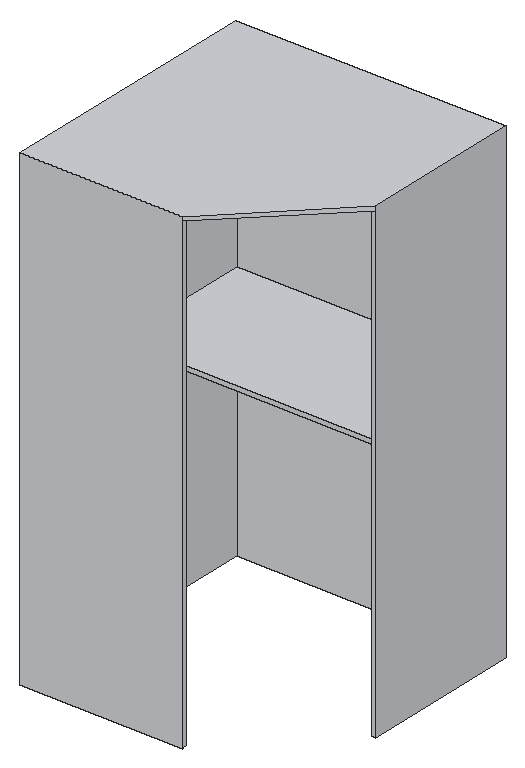
Revit family "Wenger Cabinet 41", category Furniture, Revit 2011
Parameters (values of type "Cabinet #41 - Stationary")
  Shelving Style = Stationary : Stationary
  Plan Shelf Symbol = Plan Line Shelf : Plan Line Shelf
  Model = "41S"
  Manufacturer = "Wenger Corporation"
  Description = "Cabinet #41 - Stationary Shelf"
  Cabinet Labeling = Labels : Standard-Line
Types (6): name | Shelving Style | Plan Shelf Symbol | Model | Description | Cabinet Labeling
  (no name) | Stationary : Stationary | Plan Line Shelf : Plan Line Shelf | "41S" | "Cabinet #41 - Stationary Shelf" | Labels : Standard-Line
  Cabinet #41 - No Shelf | None : None | Plan No Shelf : Plan No Shelf | "41" | "Cabinet #41" | Labels : Standard
  Cabinet #41 - Stationary | Stationary : Stationary | Plan Line Shelf : Plan Line Shelf | "41S" | "Cabinet #41 - Stationary Shelf" | Labels : Standard-Line
  Cabinet #41 - Garment | Garment : Garment | Plan Circle Shelf : Plan Circle Shelf | "41G" | "Cabinet #41 - Garment Storage" | Labels : Standard-circle
  Cabinet #41 - Revolving | Revolving : Revolving | Plan Circle Shelf : Plan Circle Shelf | "41R" | "Cabinet #41 - Revolving Storage" | Labels : Standard-circle
  Cabinet #41 - Flag | Flag : Flag | Plan Circle Shelf : Plan Circle Shelf | "41FS" | "Cabinet #41 - Flag Storage + Ring" | Labels : Standard-circle
Reference planes (in)
  plane 1 "Center Front/Back": y = 0
  plane 2: z = 0
  plane 3 "Center Left/Right": x = 0
  plane 4: y = 0.75
  plane 5: x = 0.75
  plane 6: y = -47
  plane 7: y = -47.75
  plane 8: x = 48.5
  plane 9: x = 47.75
  plane 10: x = 29.25
  plane 11: y = -28.5
  plane 12: z = 85.625
  plane 13: z = 84.875
  plane 14: z = 9.25
  plane 15: z = 57.25
Forms (in)
  Extrusion 1, solid
    sketch origin (0, 0, 0) x (1, 0, 0) y (0, 1, 0)
      loop
        line (29.22953, -47.75) -> (48.5, -28.47953) -> (48.5, 0.75) -> (0, 0.75) -> (0, -47.75) -> (29.22953, -47.75)
    from 0 to 85.625
  Extrusion 2, void
    sketch origin (0, 0, 0) x (1, 0, 0) y (0, 1, 0)
      loop
        line (0.75, 0) -> (0.75, -47) -> (29.25, -47) -> (29.25, -47.75) -> (48.5, -47.75) -> (48.5, -28.5) -> (47.75, -28.5) -> (47.75, 0) -> (0.75, 0)
    from 0 to 84.875
Cuts and joins
  Extrusion 2 cuts Extrusion 1
Dimensions and locks (in)
  locked: plane 4 to plane 7 at 48.5
  locked: plane 3 "Center Left/Right" to plane 8 at 48.5
  locked: plane 9 to plane 8 at 0.75
  locked: plane 4 to plane 1 "Center Front/Back" at 0.75
  locked: plane 3 "Center Left/Right" to plane 5 at 0.75
  locked: plane 6 to plane 7 at 0.75
  locked: plane 3 "Center Left/Right" to plane 10 at 29.25
  locked: plane 4 to plane 11 at 29.25
  plane 12 to plane 2 = 7' - 1 5/8"
  locked: plane 12 to plane 13 at 0.75
  locked: plane 14 to plane 2 at 9.25
  locked: plane 15 to plane 2 at 57.25
  angle Extrusion 1 sketch curve to Extrusion 1 sketch curve = 135.00°
  aligned and locked: plane 8 to Extrusion 1
  aligned and locked: plane 4 to Extrusion 1
  aligned and locked: Extrusion 1 to plane 3 "Center Left/Right"
  aligned and locked: Extrusion 1 to plane 7
  aligned and locked: plane 12 to Extrusion 1
  aligned and locked: Extrusion 2 to plane 9
  aligned and locked: Extrusion 2 to plane 1 "Center Front/Back"
  aligned and locked: plane 5 to Extrusion 2
  aligned and locked: Extrusion 2 to plane 6
  aligned and locked: plane 13 to Extrusion 2
  aligned and locked: plane 11 to Extrusion 2
  aligned and locked: Extrusion 2 to plane 8
  aligned and locked: plane 10 to Extrusion 2
  aligned and locked: Extrusion 2 to plane 7
Nested families (in)
  nested 1: "Stationary" at (48.5, 0.75, 0), type <- "Shelving Style", type "Stationary"
  nested 2: "None" at (48.5, 0.75, 0), type "None"
  nested 3: "Stationary" at (48.5, 0.75, 0), type <- "Shelving Style", type "Stationary"
  nested 4: "Stationary" at (48.5, 0.75, 0), type <- "Shelving Style", type "Stationary"
  nested 5: "Stationary" at (48.5, 0.75, 0), type <- "Shelving Style", type "Stationary"
  nested 6: "Labels" at (23.04531, -21.44774, 0), type <- "Cabinet Labeling", type "Standard-Line"
  nested 7: "Front Note" at (38.43309, -37.26797, 0) x (0.7071, 0.7071, 0) z (0, 0, 1), type "Front Note", detail levels medium+fine
  nested 8: "Plan No Shelf" at (24.5266, -25, 0), type "Plan No Shelf"
  nested 9: "Plan Line Shelf" at (27.5, -21.75, 0), type <- "Plan Shelf Symbol", type "Plan Line Shelf"
Definition of nested family "Stationary"
  Parameters (values of type "Stationary")
    Assembly Code = ""
  Reference planes (in)
    plane 1 "Center Front/Back": y = 0
    plane 2: z = 0
    plane 3 "Center Left/Right": x = 0
    plane 4 "Low Shelf": z = 45.875
  Forms (in)
    Extrusion 1, solid
      sketch origin (-24.70803, -23.52263, 0) x (1, 0, 0) y (0, 1, 0)
        loop
          line (23.95803, 22.77263) -> (-23.04197, 22.77263) -> (-23.04197, -3.97737) -> (23.95803, -3.97737) -> (23.95803, 22.77263)
      from 45.875 to 46.625
  Dimensions and locks (in)
    plane 4 "Low Shelf" to plane 2 = 3' - 9 7/8"
    locked: Extrusion 1 to Extrusion 1 at 0.75
    locked: Extrusion 1 sketch curve to plane 1 "Center Front/Back" at 0.75
    locked: Extrusion 1 sketch curve to plane 3 "Center Left/Right" at 0.75
    Extrusion 1 sketch curve to plane 1 "Center Front/Back" = 2' - 3 1/2"
    Extrusion 1 sketch curve to plane 3 "Center Left/Right" = 3' - 11 3/4"
    aligned and locked: Extrusion 1 to plane 4 "Low Shelf"
Definition of nested family "None"
  Parameters (values of type "None")
    Assembly Code = ""
  Reference planes (in)
    plane 1 "Center Front/Back": y = 0
    plane 2: z = 0
    plane 3 "Center Left/Right": x = 0
Definition of nested family "Labels"
  Parameters (values of type "Standard")
    Cabinet Label = "01"
  Types (4): name | Cabinet Label
    Standard | "01"
    Narrow | "01N"
    Narrow Acoustic | "01NA"
    Acoustic | "01A"
  Reference planes (in)
    plane 1: y = 0
    plane 2: x = 0
  Text (in)
    label "xxxx" at (-0.00018, 0.00754, 0), shows "Cabinet Label"
Definition of nested family "Front Note"
  Parameters (values of type "Front Note")
    Cabinet Label = "Front"
  Reference planes (in)
    plane 1: y = 0
    plane 2: x = 0
  Text (in)
    label "Front" at (-0.00018, 0.00754, 0), shows "Cabinet Label"
Definition of nested family "Plan No Shelf"
  Reference planes (in)
    plane 1 "Center Front/Back": y = 0
    plane 2: z = 0
    plane 3 "Center Left/Right": x = 0
Definition of nested family "Plan Line Shelf"
  Reference planes (in)
    plane 1 "Center Front/Back": y = 0
    plane 2: z = 0
    plane 3 "Center Left/Right": x = 0
    plane 4 "Cabinet Top": z = 85.625
  Lines and regions (in)
    model lines, style "FurnitureHiddenLines"
      curve 1: line (-26.8165, -3.76746, 85.625) -> (19.1835, -3.76746, 85.625)
